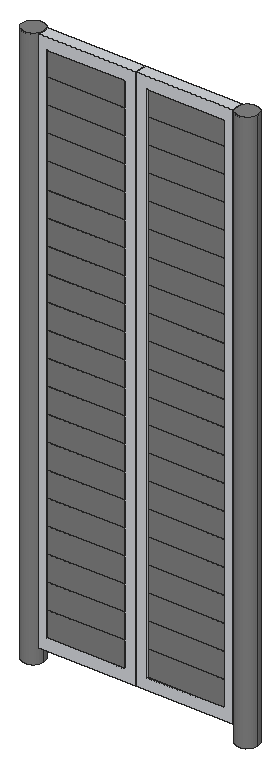
Revit family "Covrit Gate", category Doors, Revit 2017
Family settings
  OmniClass Number = 23.30.10.00
  OmniClass Title = Doors
  Always vertical = Yes
  Cut with Voids When Loaded = No
  Shared = No
  Room Calculation Point = No
Parameters (values of type "CityScapes Gate - Steel Panel")
  Version = "191001"  # constant formula
  URL = "https://cityscapesinc.com"
  Type Comments = ""
  Total Gate Rail Height per Panel = Gate Rail Width * 2 * if(1 = 1, 1, 1)  # 0' - 4"
  Thickness = Panel Thickness  # 0' - 2"
  Steel Panel = yes
  Rail Finish [instance] = none
  Post Finish [instance] = none
  Panel Width [instance] = if(Panel Opening Width < 0' 8" + Total Gate Rail Height per Panel, 0' 8" + Total Gate Rail Height per Panel, if(Panel Opening Width * Panel Height > 120.00 SF, 120.00 SF / Panel Height, Panel Opening Width))  # 2' - 1.98196"
  Panel Start [instance] = Panel Offset RL - 0' 3" - (0' 5 5/8" / 2)  # -0' - 5 13/16"
  Panel Opening Width [instance] = (Opening Width + Panel Start * 2) / 2 * if(1 = 1, 1, 1)  # 2' - 1.98196"
  Panel Offset RL [instance] = if(Gate in Front, 0' 6", 0' 0")  # 0' - 0"
  Panel Height [instance] = if(Height < 3' 0" + Total Gate Rail Height per Panel + Ground Offset, 3' 0" + Total Gate Rail Height per Panel, if(Height > 12' 0" + Total Gate Rail Height per Panel + Ground Offset, 12' 0" + Total Gate Rail Height per Panel, Height - Ground Offset))  # 12' - 4"
  Panel Finish [instance] = Covrit - Rail
  PVC Panel = not(or(PVC Plank, Steel Panel))  # no
  Opening Width [instance] = 5' - 3.58893"
  Panel Thickness = if(PVC Plank, 0' 1", if(PVC Panel, 0' 0 1/2", 0' 2"))  # 0' - 2"
  PVC Plank = no
  Not Steel = not(Steel Panel)  # no
  Model = "CovRit Gate"  # constant formula
  Manufacturer = "CityScapes, Inc."  # constant formula
  Inner Panel Width [instance] = Panel Opening Width - Gate Rail Width - Gate Rail Thickness  # 1' - 8.98196"
  Height [instance] = 15' - 2"
  Ground Offset = 0' - 4"
  Gate in Front [instance] = not(Gate Flush)  # no
  Gate Rail Width = 0' - 2"
  Gate Rail Thickness = 0' - 3"
  Gate Offset [instance] = if(Gate in Front, 0' 8", 0' 0")  # 0' - 0"
  Gate Flush [instance] = yes
  Function = Exterior
  Door Swing [instance] = 45.00°
  Description = ""
  Corragations [instance] = (Panel Height - 0' 6 1/4") / 0' 6 3/4"  # 21
  Author = "SHAPE Environments, LLC"  # constant formula
  Assembly Code = "G2040100"
  Analytic Construction = "<None>"
Types (3): name | URL | Type Comments | Thickness | Steel Panel | Panel Finish | PVC Panel | Panel Thickness | PVC Plank | Not Steel | Inner Panel Width | Gate Rail Thickness | Description
  CityScapes Gate - PVC Panel | 0' - 0" | "" | 0' - 0 1/2" | no | none | yes | 0' - 0 1/2" | no | yes | 1' - 9.98196" | 0' - 2" | ""
  CityScapes Gate - PVC Plank | "www.cityscapesinc.com" | "Gate System" | 0' - 1" | no | none | no | 0' - 1" | yes | yes | 1' - 9.98196" | 0' - 2" | "covRit - Screening systems"
  CityScapes Gate - Steel Panel | "https://cityscapesinc.com" | "" | 0' - 2" | yes | Covrit - Rail | no | 0' - 2" | no | no | 1' - 8.98196" | 0' - 3" | ""
Reference planes (in)
  plane 1 "Center (Front/Back": y = 0
  plane 2: z = 0
  plane 3 "Center (Left/Right)": x = 3.24894
  plane 4 "Left": x = -28.54552
  plane 5 "Right": x = 35.04341
  plane 6 "Top": z = 182
  plane 7 "Panel Bottom": z = 4
  plane 8 "Panel Top": z = 152
  plane 9 "LL Right": x = 3.24894
  plane 10 "RL Left": x = 3.24894
  plane 11 "Rail Exterior Face": y = 1.5
  plane 12 "Rail Interior Face": y = -1.5
  plane 13 "RL Right": x = -22.73302
  plane 14 "LL Left": x = 29.23091
  plane 15 "Panel Exterior Face": y = 1
  plane 16 "Panel Interior Face": y = -1
  plane 17 "Center Gate": y = 0
  plane 18: x = 32.04341
  plane 19: x = -25.54552
  plane 20: x = -28.54552
  plane 21: x = 35.04341
  plane 22: x = -20.73302
  plane 23: x = 27.23091
  plane 24: z = 7.125
  plane 25: z = 13.875
  plane 26: x = 0.24894
  plane 27: x = 6.24894
Forms (in)
  Extrusion 1, solid, material <- "Rail Finish"
    sketch origin (0, 0, 0) x (1, 0, 0) y (0, 0, 1)
      loop
        line (29.23091, 152) -> (3.24894, 152) -> (3.24894, 4) -> (29.23091, 4) -> (29.23091, 152)
      loop
        line (27.23091, 148.875) -> (6.24894, 148.875) -> (6.24894, 7.125) -> (27.23091, 7.125) -> (27.23091, 148.875)
    from -1.5 to 1.5
  Extrusion 2, solid, material <- "Rail Finish"
    sketch origin (0, 0, 0) x (1, 0, 0) y (0, 0, 1)
      loop
        line (3.24894, 152) -> (-22.73302, 152) -> (-22.73302, 4) -> (3.24894, 4) -> (3.24894, 152)
      loop
        line (0.24894, 148.875) -> (-20.73302, 148.875) -> (-20.73302, 7.125) -> (0.24894, 7.125) -> (0.24894, 148.875)
    from -1.5 to 1.5
  Extrusion 3, solid, material "Covrit - Rail" <- "Panel Finish", visible <- "Not Steel"
    sketch origin (0, 0, 0) x (1, 0, 0) y (0, 0, 1)
      loop
        line (27.23091, 148.875) -> (6.24894, 148.875) -> (6.24894, 7.125) -> (27.23091, 7.125) -> (27.23091, 148.875)
    from -1 to 1
  Extrusion 4, solid, material "Covrit - Rail" <- "Panel Finish", visible <- "Not Steel"
    sketch origin (0, 0, 0) x (1, 0, 0) y (0, 0, 1)
      loop
        line (0.24894, 148.875) -> (-20.73302, 148.875) -> (-20.73302, 7.125) -> (0.24894, 7.125) -> (0.24894, 148.875)
    from -1 to 1
  Extrusion 5, solid, material <- "Post Finish"
    sketch origin (0, 0, 0) x (1, 0, 0) y (0, 1, 0)
      loop
        circle (32.04341, 0) r 2.8125
    from 0 to 152
  Extrusion 6, solid, material <- "Post Finish"
    sketch origin (0, 0, 0) x (1, 0, 0) y (0, 1, 0)
      loop
        circle (-25.54552, 0) r 2.8125
    from 0 to 152
Text (in)
  text "Exterior" at (-65.12119, 31.38743, 0), in view "Ref. Level"
Dimensions and locks (in)
  equal spacing: plane 4 "Left", plane 3 "Center (Left/Right)", plane 5 "Right"  (x2)
  "Ground Offset": plane 2 to plane 7 "Panel Bottom"
  "Height": plane 2 to plane 6 "Top"
  "Panel Height": plane 7 "Panel Bottom" to plane 8 "Panel Top"
  "Gate Rail Thickness": plane 11 "Rail Exterior Face" to plane 12 "Rail Interior Face"
  "Opening Width": plane 4 "Left" to plane 5 "Right"
  "Panel Width": plane 13 "RL Right" to plane 10 "RL Left"
  "Panel Width": plane 9 "LL Right" to plane 14 "LL Left"
  "Panel Thickness": plane 15 "Panel Exterior Face" to plane 16 "Panel Interior Face"
  equal spacing: plane 15 "Panel Exterior Face", plane 17 "Center Gate", plane 16 "Panel Interior Face"
  equal spacing: plane 11 "Rail Exterior Face", plane 17 "Center Gate", plane 12 "Rail Interior Face"
  "Gate Offset": plane 1 "Center (Front/Back" to plane 17 "Center Gate"
  "Panel Offset RL": plane 5 "Right" to plane 21
  "Panel Offset RL": plane 20 to plane 4 "Left"
  locked: plane 14 "LL Left" to plane 18 at 2.8125
  locked: plane 19 to plane 13 "RL Right" at 2.8125
  locked: plane 20 to plane 19 at 3
  locked: plane 18 to plane 21 at 3
  "Gate Rail Width": plane 13 "RL Right" to plane 22
  "Gate Rail Width": plane 23 to plane 14 "LL Left"
  locked: plane 24 to plane 7 "Panel Bottom" at 3.125
  locked: plane 25 to plane 24 at 6.75
  "Gate Rail Thickness": plane 10 "RL Left" to plane 27
  "Gate Rail Thickness": plane 26 to plane 10 "RL Left"
  equal spacing: group 1, group 2, group 3, group 4, group 5, group 6, group 7, group 8, group 9, group 10, group 11, group 12, group 13, group 14, group 15, group 16, group 17, group 18, group 19, group 20, group 21  (x3)
  equal spacing: group 22, group 23, group 24, group 25, group 26, group 27, group 28, group 29, group 30, group 31, group 32, group 33, group 34, group 35, group 36, group 37, group 38, group 39, group 40, group 41, group 42  (x3)
  aligned and locked: level to plane 2
  aligned and locked: plane 7 "Panel Bottom" to Extrusion 1 sketch curve
  aligned and locked: Extrusion 1 sketch curve to plane 9 "LL Right"
  aligned and locked: Extrusion 1 sketch curve to plane 8 "Panel Top"
  aligned and locked: Extrusion 1 sketch curve to plane 14 "LL Left"
  aligned and locked: plane 11 "Rail Exterior Face" to Extrusion 1
  aligned and locked: Extrusion 1 to plane 12 "Rail Interior Face"
  aligned and locked: Extrusion 2 sketch curve to plane 8 "Panel Top"
  aligned and locked: plane 7 "Panel Bottom" to Extrusion 2 sketch curve
  aligned and locked: plane 10 "RL Left" to Extrusion 2 sketch curve
  aligned and locked: Extrusion 2 sketch curve to plane 13 "RL Right"
  aligned and locked: Extrusion 1 to Extrusion 3 sketch curve  (x2)
  aligned and locked: Extrusion 3 sketch curve to Extrusion 1  (x2)
  aligned and locked: Extrusion 2 to Extrusion 4 sketch curve  (x3)
  aligned and locked: Extrusion 4 sketch curve to Extrusion 2
  aligned and locked: Extrusion 3 to plane 15 "Panel Exterior Face"
  aligned and locked: Extrusion 3 to plane 16 "Panel Interior Face"
  aligned and locked: Extrusion 4 to plane 15 "Panel Exterior Face"
  aligned and locked: Extrusion 4 to plane 16 "Panel Interior Face"
  aligned and locked: nested 1 to plane 10 "RL Left"
  aligned and locked: nested 2 to plane 9 "LL Right"
  aligned and locked: plane 11 "Rail Exterior Face" to Extrusion 2
  aligned and locked: Extrusion 2 to plane 12 "Rail Interior Face"
  aligned and locked: plane 8 "Panel Top" to Extrusion 6
  aligned and locked: plane 8 "Panel Top" to Extrusion 5
  aligned and locked: plane 22 to Extrusion 2
  aligned and locked: Extrusion 1 to plane 23
  aligned and locked: plane 11 "Rail Exterior Face" to nested 2
  aligned and locked: nested 1 to plane 11 "Rail Exterior Face"
  aligned and locked: plane 26 to Extrusion 2
  aligned and locked: Extrusion 1 to plane 27
  aligned and locked: nested 3 to plane 24
  aligned and locked: plane 17 "Center Gate" to nested 3
  aligned and locked: plane 27 to Extrusion 3
  aligned and locked: plane 27 to nested 3
  aligned and locked: nested 24 to plane 26  (x2)
  aligned and locked: plane 24 to Extrusion 2
  aligned and locked: Extrusion 4 to plane 24
  aligned and locked: plane 17 "Center Gate" to nested 24
  aligned and locked: plane 27 to nested 4
  aligned and locked: plane 17 "Center Gate" to nested 4
  aligned and locked: nested 25 to plane 26
  aligned and locked: plane 17 "Center Gate" to nested 25
Automatic sketch dimensions
  Extrusion 1 sketch curve to plane 8 "Panel Top" = 0' - 3 1/8"
  Extrusion 1 sketch curve to plane 9 "LL Right" = 0' - 3"
  plane 5 "Right" to Extrusion 1 sketch curve = 0' - 7 13/16"
  plane 7 "Panel Bottom" to Extrusion 1 sketch curve = 0' - 3 1/8"
  Extrusion 2 sketch curve to plane 8 "Panel Top" = 0' - 3 1/8"
  Extrusion 2 sketch curve to plane 4 "Left" = 0' - 7 13/16"
  plane 7 "Panel Bottom" to Extrusion 2 sketch curve = 0' - 3 1/8"
  plane 10 "RL Left" to Extrusion 2 sketch curve = 0' - 3"
  Extrusion 5 sketch curve to plane 17 "Center Gate" = 0' - 0"
  Extrusion 5 sketch curve to plane 18 = 0' - 0"
  Extrusion 6 sketch curve to plane 17 "Center Gate" = 0' - 0"
  Extrusion 6 sketch curve to plane 19 = 0' - 0"
  radius of Extrusion 5 sketch curve = 0' - 2 13/16"
  radius of Extrusion 6 sketch curve = 0' - 2 13/16"
Nested families (in)
  nested 1: "Gate Swing" at (-9.74204, 1.5, 0), Door Swing <- "Door Swing", type "Swing"
    with Door Swing 45.00°, Actual Swing 45.00°
  nested 2: "Gate Swing" at (16.23992, 1.5, 0) x (-1, 0, 0) z (0, 0, 1), Door Swing <- "Door Swing", type "Swing"
    with Door Swing 45.00°, Actual Swing 45.00°
  nested 3: "Corr Slat" at (16.73992, -1.3125, 7.125), visible <- "Steel Panel", Corr Slat Width <- "Inner Panel Width", Corr Slat Material <- "Panel Finish", type "CityScapes Corr Slat"
    with Width 0' - 6 3/4", Thickness 0' - 2 5/8", Slat corr size 0' - 0 31/32", Flat no, Distance for corr 0' - 1 1/2", Corrugated yes, Corr Slat Width 1' - 8.98196", Corr Slat Material Covrit - Rail
  nested 4: "Corr Slat" at (16.73992, -1.3125, 13.875), visible <- "Steel Panel", Corr Slat Width <- "Inner Panel Width", Corr Slat Material <- "Panel Finish", type "CityScapes Corr Slat"
    with Width 0' - 6 3/4", Thickness 0' - 2 5/8", Slat corr size 0' - 0 31/32", Flat no, Distance for corr 0' - 1 1/2", Corrugated yes, Corr Slat Width 1' - 8.98196", Corr Slat Material Covrit - Rail
  nested 5: "Corr Slat" at (16.73992, -1.3125, 20.625), visible <- "Steel Panel", Corr Slat Width <- "Inner Panel Width", Corr Slat Material <- "Panel Finish", type "CityScapes Corr Slat"
    with Width 0' - 6 3/4", Thickness 0' - 2 5/8", Slat corr size 0' - 0 31/32", Flat no, Distance for corr 0' - 1 1/2", Corrugated yes, Corr Slat Width 1' - 8.98196", Corr Slat Material Covrit - Rail
  nested 6: "Corr Slat" at (16.73992, -1.3125, 27.375), visible <- "Steel Panel", Corr Slat Width <- "Inner Panel Width", Corr Slat Material <- "Panel Finish", type "CityScapes Corr Slat"
    with Width 0' - 6 3/4", Thickness 0' - 2 5/8", Slat corr size 0' - 0 31/32", Flat no, Distance for corr 0' - 1 1/2", Corrugated yes, Corr Slat Width 1' - 8.98196", Corr Slat Material Covrit - Rail
  nested 7: "Corr Slat" at (16.73992, -1.3125, 34.125), visible <- "Steel Panel", Corr Slat Width <- "Inner Panel Width", Corr Slat Material <- "Panel Finish", type "CityScapes Corr Slat"
    with Width 0' - 6 3/4", Thickness 0' - 2 5/8", Slat corr size 0' - 0 31/32", Flat no, Distance for corr 0' - 1 1/2", Corrugated yes, Corr Slat Width 1' - 8.98196", Corr Slat Material Covrit - Rail
  nested 8: "Corr Slat" at (16.73992, -1.3125, 40.875), visible <- "Steel Panel", Corr Slat Width <- "Inner Panel Width", Corr Slat Material <- "Panel Finish", type "CityScapes Corr Slat"
    with Width 0' - 6 3/4", Thickness 0' - 2 5/8", Slat corr size 0' - 0 31/32", Flat no, Distance for corr 0' - 1 1/2", Corrugated yes, Corr Slat Width 1' - 8.98196", Corr Slat Material Covrit - Rail
  nested 9: "Corr Slat" at (16.73992, -1.3125, 47.625), visible <- "Steel Panel", Corr Slat Width <- "Inner Panel Width", Corr Slat Material <- "Panel Finish", type "CityScapes Corr Slat"
    with Width 0' - 6 3/4", Thickness 0' - 2 5/8", Slat corr size 0' - 0 31/32", Flat no, Distance for corr 0' - 1 1/2", Corrugated yes, Corr Slat Width 1' - 8.98196", Corr Slat Material Covrit - Rail
  nested 10: "Corr Slat" at (16.73992, -1.3125, 54.375), visible <- "Steel Panel", Corr Slat Width <- "Inner Panel Width", Corr Slat Material <- "Panel Finish", type "CityScapes Corr Slat"
    with Width 0' - 6 3/4", Thickness 0' - 2 5/8", Slat corr size 0' - 0 31/32", Flat no, Distance for corr 0' - 1 1/2", Corrugated yes, Corr Slat Width 1' - 8.98196", Corr Slat Material Covrit - Rail
  nested 11: "Corr Slat" at (16.73992, -1.3125, 61.125), visible <- "Steel Panel", Corr Slat Width <- "Inner Panel Width", Corr Slat Material <- "Panel Finish", type "CityScapes Corr Slat"
    with Width 0' - 6 3/4", Thickness 0' - 2 5/8", Slat corr size 0' - 0 31/32", Flat no, Distance for corr 0' - 1 1/2", Corrugated yes, Corr Slat Width 1' - 8.98196", Corr Slat Material Covrit - Rail
  nested 12: "Corr Slat" at (16.73992, -1.3125, 67.875), visible <- "Steel Panel", Corr Slat Width <- "Inner Panel Width", Corr Slat Material <- "Panel Finish", type "CityScapes Corr Slat"
    with Width 0' - 6 3/4", Thickness 0' - 2 5/8", Slat corr size 0' - 0 31/32", Flat no, Distance for corr 0' - 1 1/2", Corrugated yes, Corr Slat Width 1' - 8.98196", Corr Slat Material Covrit - Rail
  nested 13: "Corr Slat" at (16.73992, -1.3125, 74.625), visible <- "Steel Panel", Corr Slat Width <- "Inner Panel Width", Corr Slat Material <- "Panel Finish", type "CityScapes Corr Slat"
    with Width 0' - 6 3/4", Thickness 0' - 2 5/8", Slat corr size 0' - 0 31/32", Flat no, Distance for corr 0' - 1 1/2", Corrugated yes, Corr Slat Width 1' - 8.98196", Corr Slat Material Covrit - Rail
  nested 14: "Corr Slat" at (16.73992, -1.3125, 81.375), visible <- "Steel Panel", Corr Slat Width <- "Inner Panel Width", Corr Slat Material <- "Panel Finish", type "CityScapes Corr Slat"
    with Width 0' - 6 3/4", Thickness 0' - 2 5/8", Slat corr size 0' - 0 31/32", Flat no, Distance for corr 0' - 1 1/2", Corrugated yes, Corr Slat Width 1' - 8.98196", Corr Slat Material Covrit - Rail
  nested 15: "Corr Slat" at (16.73992, -1.3125, 88.125), visible <- "Steel Panel", Corr Slat Width <- "Inner Panel Width", Corr Slat Material <- "Panel Finish", type "CityScapes Corr Slat"
    with Width 0' - 6 3/4", Thickness 0' - 2 5/8", Slat corr size 0' - 0 31/32", Flat no, Distance for corr 0' - 1 1/2", Corrugated yes, Corr Slat Width 1' - 8.98196", Corr Slat Material Covrit - Rail
  nested 16: "Corr Slat" at (16.73992, -1.3125, 94.875), visible <- "Steel Panel", Corr Slat Width <- "Inner Panel Width", Corr Slat Material <- "Panel Finish", type "CityScapes Corr Slat"
    with Width 0' - 6 3/4", Thickness 0' - 2 5/8", Slat corr size 0' - 0 31/32", Flat no, Distance for corr 0' - 1 1/2", Corrugated yes, Corr Slat Width 1' - 8.98196", Corr Slat Material Covrit - Rail
  nested 17: "Corr Slat" at (16.73992, -1.3125, 101.625), visible <- "Steel Panel", Corr Slat Width <- "Inner Panel Width", Corr Slat Material <- "Panel Finish", type "CityScapes Corr Slat"
    with Width 0' - 6 3/4", Thickness 0' - 2 5/8", Slat corr size 0' - 0 31/32", Flat no, Distance for corr 0' - 1 1/2", Corrugated yes, Corr Slat Width 1' - 8.98196", Corr Slat Material Covrit - Rail
  nested 18: "Corr Slat" at (16.73992, -1.3125, 108.375), visible <- "Steel Panel", Corr Slat Width <- "Inner Panel Width", Corr Slat Material <- "Panel Finish", type "CityScapes Corr Slat"
    with Width 0' - 6 3/4", Thickness 0' - 2 5/8", Slat corr size 0' - 0 31/32", Flat no, Distance for corr 0' - 1 1/2", Corrugated yes, Corr Slat Width 1' - 8.98196", Corr Slat Material Covrit - Rail
  nested 19: "Corr Slat" at (16.73992, -1.3125, 115.125), visible <- "Steel Panel", Corr Slat Width <- "Inner Panel Width", Corr Slat Material <- "Panel Finish", type "CityScapes Corr Slat"
    with Width 0' - 6 3/4", Thickness 0' - 2 5/8", Slat corr size 0' - 0 31/32", Flat no, Distance for corr 0' - 1 1/2", Corrugated yes, Corr Slat Width 1' - 8.98196", Corr Slat Material Covrit - Rail
  nested 20: "Corr Slat" at (16.73992, -1.3125, 121.875), visible <- "Steel Panel", Corr Slat Width <- "Inner Panel Width", Corr Slat Material <- "Panel Finish", type "CityScapes Corr Slat"
    with Width 0' - 6 3/4", Thickness 0' - 2 5/8", Slat corr size 0' - 0 31/32", Flat no, Distance for corr 0' - 1 1/2", Corrugated yes, Corr Slat Width 1' - 8.98196", Corr Slat Material Covrit - Rail
  nested 21: "Corr Slat" at (16.73992, -1.3125, 128.625), visible <- "Steel Panel", Corr Slat Width <- "Inner Panel Width", Corr Slat Material <- "Panel Finish", type "CityScapes Corr Slat"
    with Width 0' - 6 3/4", Thickness 0' - 2 5/8", Slat corr size 0' - 0 31/32", Flat no, Distance for corr 0' - 1 1/2", Corrugated yes, Corr Slat Width 1' - 8.98196", Corr Slat Material Covrit - Rail
  nested 22: "Corr Slat" at (16.73992, -1.3125, 135.375), visible <- "Steel Panel", Corr Slat Width <- "Inner Panel Width", Corr Slat Material <- "Panel Finish", type "CityScapes Corr Slat"
    with Width 0' - 6 3/4", Thickness 0' - 2 5/8", Slat corr size 0' - 0 31/32", Flat no, Distance for corr 0' - 1 1/2", Corrugated yes, Corr Slat Width 1' - 8.98196", Corr Slat Material Covrit - Rail
  nested 23: "Corr Slat" at (16.73992, -1.3125, 142.125), visible <- "Steel Panel", Corr Slat Width <- "Inner Panel Width", Corr Slat Material <- "Panel Finish", type "CityScapes Corr Slat"
    with Width 0' - 6 3/4", Thickness 0' - 2 5/8", Slat corr size 0' - 0 31/32", Flat no, Distance for corr 0' - 1 1/2", Corrugated yes, Corr Slat Width 1' - 8.98196", Corr Slat Material Covrit - Rail
  nested 24: "Corr Slat" at (-10.24204, -1.3125, 7.125), visible <- "Steel Panel", Corr Slat Width <- "Inner Panel Width", Corr Slat Material <- "Panel Finish", type "CityScapes Corr Slat"
    with Width 0' - 6 3/4", Thickness 0' - 2 5/8", Slat corr size 0' - 0 31/32", Flat no, Distance for corr 0' - 1 1/2", Corrugated yes, Corr Slat Width 1' - 8.98196", Corr Slat Material Covrit - Rail
  nested 25: "Corr Slat" at (-10.24204, -1.3125, 13.875), visible <- "Steel Panel", Corr Slat Width <- "Inner Panel Width", Corr Slat Material <- "Panel Finish", type "CityScapes Corr Slat"
    with Width 0' - 6 3/4", Thickness 0' - 2 5/8", Slat corr size 0' - 0 31/32", Flat no, Distance for corr 0' - 1 1/2", Corrugated yes, Corr Slat Width 1' - 8.98196", Corr Slat Material Covrit - Rail
  nested 26: "Corr Slat" at (-10.24204, -1.3125, 20.625), visible <- "Steel Panel", Corr Slat Width <- "Inner Panel Width", Corr Slat Material <- "Panel Finish", type "CityScapes Corr Slat"
    with Width 0' - 6 3/4", Thickness 0' - 2 5/8", Slat corr size 0' - 0 31/32", Flat no, Distance for corr 0' - 1 1/2", Corrugated yes, Corr Slat Width 1' - 8.98196", Corr Slat Material Covrit - Rail
  nested 27: "Corr Slat" at (-10.24204, -1.3125, 27.375), visible <- "Steel Panel", Corr Slat Width <- "Inner Panel Width", Corr Slat Material <- "Panel Finish", type "CityScapes Corr Slat"
    with Width 0' - 6 3/4", Thickness 0' - 2 5/8", Slat corr size 0' - 0 31/32", Flat no, Distance for corr 0' - 1 1/2", Corrugated yes, Corr Slat Width 1' - 8.98196", Corr Slat Material Covrit - Rail
  nested 28: "Corr Slat" at (-10.24204, -1.3125, 34.125), visible <- "Steel Panel", Corr Slat Width <- "Inner Panel Width", Corr Slat Material <- "Panel Finish", type "CityScapes Corr Slat"
    with Width 0' - 6 3/4", Thickness 0' - 2 5/8", Slat corr size 0' - 0 31/32", Flat no, Distance for corr 0' - 1 1/2", Corrugated yes, Corr Slat Width 1' - 8.98196", Corr Slat Material Covrit - Rail
  nested 29: "Corr Slat" at (-10.24204, -1.3125, 40.875), visible <- "Steel Panel", Corr Slat Width <- "Inner Panel Width", Corr Slat Material <- "Panel Finish", type "CityScapes Corr Slat"
    with Width 0' - 6 3/4", Thickness 0' - 2 5/8", Slat corr size 0' - 0 31/32", Flat no, Distance for corr 0' - 1 1/2", Corrugated yes, Corr Slat Width 1' - 8.98196", Corr Slat Material Covrit - Rail
  nested 30: "Corr Slat" at (-10.24204, -1.3125, 47.625), visible <- "Steel Panel", Corr Slat Width <- "Inner Panel Width", Corr Slat Material <- "Panel Finish", type "CityScapes Corr Slat"
    with Width 0' - 6 3/4", Thickness 0' - 2 5/8", Slat corr size 0' - 0 31/32", Flat no, Distance for corr 0' - 1 1/2", Corrugated yes, Corr Slat Width 1' - 8.98196", Corr Slat Material Covrit - Rail
  nested 31: "Corr Slat" at (-10.24204, -1.3125, 54.375), visible <- "Steel Panel", Corr Slat Width <- "Inner Panel Width", Corr Slat Material <- "Panel Finish", type "CityScapes Corr Slat"
    with Width 0' - 6 3/4", Thickness 0' - 2 5/8", Slat corr size 0' - 0 31/32", Flat no, Distance for corr 0' - 1 1/2", Corrugated yes, Corr Slat Width 1' - 8.98196", Corr Slat Material Covrit - Rail
  nested 32: "Corr Slat" at (-10.24204, -1.3125, 61.125), visible <- "Steel Panel", Corr Slat Width <- "Inner Panel Width", Corr Slat Material <- "Panel Finish", type "CityScapes Corr Slat"
    with Width 0' - 6 3/4", Thickness 0' - 2 5/8", Slat corr size 0' - 0 31/32", Flat no, Distance for corr 0' - 1 1/2", Corrugated yes, Corr Slat Width 1' - 8.98196", Corr Slat Material Covrit - Rail
  nested 33: "Corr Slat" at (-10.24204, -1.3125, 67.875), visible <- "Steel Panel", Corr Slat Width <- "Inner Panel Width", Corr Slat Material <- "Panel Finish", type "CityScapes Corr Slat"
    with Width 0' - 6 3/4", Thickness 0' - 2 5/8", Slat corr size 0' - 0 31/32", Flat no, Distance for corr 0' - 1 1/2", Corrugated yes, Corr Slat Width 1' - 8.98196", Corr Slat Material Covrit - Rail
  nested 34: "Corr Slat" at (-10.24204, -1.3125, 74.625), visible <- "Steel Panel", Corr Slat Width <- "Inner Panel Width", Corr Slat Material <- "Panel Finish", type "CityScapes Corr Slat"
    with Width 0' - 6 3/4", Thickness 0' - 2 5/8", Slat corr size 0' - 0 31/32", Flat no, Distance for corr 0' - 1 1/2", Corrugated yes, Corr Slat Width 1' - 8.98196", Corr Slat Material Covrit - Rail
  nested 35: "Corr Slat" at (-10.24204, -1.3125, 81.375), visible <- "Steel Panel", Corr Slat Width <- "Inner Panel Width", Corr Slat Material <- "Panel Finish", type "CityScapes Corr Slat"
    with Width 0' - 6 3/4", Thickness 0' - 2 5/8", Slat corr size 0' - 0 31/32", Flat no, Distance for corr 0' - 1 1/2", Corrugated yes, Corr Slat Width 1' - 8.98196", Corr Slat Material Covrit - Rail
  nested 36: "Corr Slat" at (-10.24204, -1.3125, 88.125), visible <- "Steel Panel", Corr Slat Width <- "Inner Panel Width", Corr Slat Material <- "Panel Finish", type "CityScapes Corr Slat"
    with Width 0' - 6 3/4", Thickness 0' - 2 5/8", Slat corr size 0' - 0 31/32", Flat no, Distance for corr 0' - 1 1/2", Corrugated yes, Corr Slat Width 1' - 8.98196", Corr Slat Material Covrit - Rail
  nested 37: "Corr Slat" at (-10.24204, -1.3125, 94.875), visible <- "Steel Panel", Corr Slat Width <- "Inner Panel Width", Corr Slat Material <- "Panel Finish", type "CityScapes Corr Slat"
    with Width 0' - 6 3/4", Thickness 0' - 2 5/8", Slat corr size 0' - 0 31/32", Flat no, Distance for corr 0' - 1 1/2", Corrugated yes, Corr Slat Width 1' - 8.98196", Corr Slat Material Covrit - Rail
  nested 38: "Corr Slat" at (-10.24204, -1.3125, 101.625), visible <- "Steel Panel", Corr Slat Width <- "Inner Panel Width", Corr Slat Material <- "Panel Finish", type "CityScapes Corr Slat"
    with Width 0' - 6 3/4", Thickness 0' - 2 5/8", Slat corr size 0' - 0 31/32", Flat no, Distance for corr 0' - 1 1/2", Corrugated yes, Corr Slat Width 1' - 8.98196", Corr Slat Material Covrit - Rail
  nested 39: "Corr Slat" at (-10.24204, -1.3125, 108.375), visible <- "Steel Panel", Corr Slat Width <- "Inner Panel Width", Corr Slat Material <- "Panel Finish", type "CityScapes Corr Slat"
    with Width 0' - 6 3/4", Thickness 0' - 2 5/8", Slat corr size 0' - 0 31/32", Flat no, Distance for corr 0' - 1 1/2", Corrugated yes, Corr Slat Width 1' - 8.98196", Corr Slat Material Covrit - Rail
  nested 40: "Corr Slat" at (-10.24204, -1.3125, 115.125), visible <- "Steel Panel", Corr Slat Width <- "Inner Panel Width", Corr Slat Material <- "Panel Finish", type "CityScapes Corr Slat"
    with Width 0' - 6 3/4", Thickness 0' - 2 5/8", Slat corr size 0' - 0 31/32", Flat no, Distance for corr 0' - 1 1/2", Corrugated yes, Corr Slat Width 1' - 8.98196", Corr Slat Material Covrit - Rail
  nested 41: "Corr Slat" at (-10.24204, -1.3125, 121.875), visible <- "Steel Panel", Corr Slat Width <- "Inner Panel Width", Corr Slat Material <- "Panel Finish", type "CityScapes Corr Slat"
    with Width 0' - 6 3/4", Thickness 0' - 2 5/8", Slat corr size 0' - 0 31/32", Flat no, Distance for corr 0' - 1 1/2", Corrugated yes, Corr Slat Width 1' - 8.98196", Corr Slat Material Covrit - Rail
  nested 42: "Corr Slat" at (-10.24204, -1.3125, 128.625), visible <- "Steel Panel", Corr Slat Width <- "Inner Panel Width", Corr Slat Material <- "Panel Finish", type "CityScapes Corr Slat"
    with Width 0' - 6 3/4", Thickness 0' - 2 5/8", Slat corr size 0' - 0 31/32", Flat no, Distance for corr 0' - 1 1/2", Corrugated yes, Corr Slat Width 1' - 8.98196", Corr Slat Material Covrit - Rail
  nested 43: "Corr Slat" at (-10.24204, -1.3125, 135.375), visible <- "Steel Panel", Corr Slat Width <- "Inner Panel Width", Corr Slat Material <- "Panel Finish", type "CityScapes Corr Slat"
    with Width 0' - 6 3/4", Thickness 0' - 2 5/8", Slat corr size 0' - 0 31/32", Flat no, Distance for corr 0' - 1 1/2", Corrugated yes, Corr Slat Width 1' - 8.98196", Corr Slat Material Covrit - Rail
  nested 44: "Corr Slat" at (-10.24204, -1.3125, 142.125), visible <- "Steel Panel", Corr Slat Width <- "Inner Panel Width", Corr Slat Material <- "Panel Finish", type "CityScapes Corr Slat"
    with Width 0' - 6 3/4", Thickness 0' - 2 5/8", Slat corr size 0' - 0 31/32", Flat no, Distance for corr 0' - 1 1/2", Corrugated yes, Corr Slat Width 1' - 8.98196", Corr Slat Material Covrit - Rail
Definition of nested family "Corr Slat"
  Parameters (values of type "CityScapes Corr Slat")
    Width [instance] = if(Corrugated, 0' 6 3/4", if([4"], 0' 4", 0' 6"))  # 0' - 6 3/4"
    Thickness [instance] = if(Corrugated, 0' 2 5/8", 0' 1")  # 0' - 2 5/8"
    Slat corr size [instance] = if(Corrugated, 0' 0 31/32", 0' 0 1/2")  # 0' - 0 31/32"
    Flat [instance] = no
    Distance for corr [instance] = if(Corrugated, 0' 1 1/2", 0' 0")  # 0' - 1 1/2"
    Corrugated [instance] = not(Flat)  # yes
    Corr Slat Width [instance] = 3' - 8"
    Corr Slat Material [instance] = none
    4" = yes
  Reference planes (in)
    plane 1 "Center (Front/Back)": y = 0
    plane 2: z = 0
    plane 3 "Center (Left/Right)": x = 0
    plane 4 "Slat Left": x = -22
    plane 5 "Slat Right": x = 22
    plane 6: y = 1.125
    plane 7: z = 0.96875
    plane 8: z = 2.40625
    plane 9: z = 4.34375
    plane 10: z = 5.78125
    plane 11: y = 2.625
    plane 12: z = 6.75
    plane 13: y = 1.3125
  Forms (in)
    Extrusion 1, solid, material <- "Corr Slat Material"
      sketch origin (0, 0, 0) x (0, 1, 0) y (0, 0, 1)
        loop
          line (0, 0) -> (2.625, 0) -> (2.625, 0.96875) -> (1.125, 2.40625) -> (1.125, 4.34375) -> (2.625, 5.78125) -> (2.625, 6.75) -> (0, 6.75) -> (0, 0)
      from -22 to 22
  Dimensions and locks (in)
    equal spacing: plane 5 "Slat Right", plane 3 "Center (Left/Right)", plane 4 "Slat Left"
    "Corr Slat Width": plane 5 "Slat Right" to plane 4 "Slat Left"
    "Slat corr size": plane 7 to level
    "Slat corr size": plane 12 to plane 10
    "Width": plane 12 to level
    "Distance for corr": plane 6 to plane 11
    locked: plane 8 to plane 7 at 1.4375
    locked: plane 10 to plane 9 at 1.4375
    "Thickness": plane 1 "Center (Front/Back)" to plane 11
    plane 1 "Center (Front/Back)" to plane 11 = 0' - 2 5/8"
    equal spacing: plane 1 "Center (Front/Back)", plane 13, plane 11
    aligned and locked: plane 2 to level
    aligned and locked: plane 5 "Slat Right" to Extrusion 1
    aligned and locked: Extrusion 1 to plane 4 "Slat Left"
    aligned and locked: plane 6 to Extrusion 1 sketch curve
    aligned and locked: plane 12 to Extrusion 1 sketch curve
    aligned and locked: plane 10 to Extrusion 1 sketch curve
    aligned and locked: plane 7 to Extrusion 1 sketch curve
    aligned and locked: plane 11 to Extrusion 1 sketch curve  (x2)
  Automatic sketch dimensions
    Extrusion 1 sketch curve to level = 0' - 0"
    Extrusion 1 sketch curve to plane 1 "Center (Front/Back)" = 0' - 0"
    Extrusion 1 sketch curve to Extrusion 1 sketch curve = 0' - 1 7/16"  (x2)
Definition of nested family "Gate Swing"
  Parameters
    Width = 2' - 9.38821"
    Height = 12' - 6 1/4"
    Function = (empty or 0)
    Door Swing [instance] = 45.00°
    Assembly Code = ""
    Analytic Construction = "<None>"
    Actual Swing [instance] = if(Door Swing = 0.00°, 1.00°, Door Swing)  # 45.00°
  Reference planes (in)
    plane 1 "Center (Front/Back)": y = 0
    plane 2: z = 0
    plane 3 "Center (Left/Right)": x = 0
    plane 4: x = -16.69411
    plane 5: x = 16.69411
  Lines and regions (in)
    symbolic lines
      curve 1: arc (16.69411, 0, 0) -> (14.15258, 12.77712, 0) -> (6.91493, 23.60903, 0) r 33.38821
      curve 2: line (6.91493, 23.60903, 0) -> (-16.69411, 0, 0)
  Dimensions and locks (in)
    equal spacing: plane 4, plane 3 "Center (Left/Right)", plane 5
    "Width": plane 4 to plane 5
    "Width": radius of curve 1
    "Actual Swing": angle curve 1 to curve 1
    aligned and locked: plane 1 "Center (Front/Back)" to curve 1
  Automatic sketch dimensions
    plane 1 "Center (Front/Back)" to curve 2 = 0' - 0"
    curve 2 to plane 4 = 0' - 0"
    curve 1 to plane 4 = 0' - 0"
